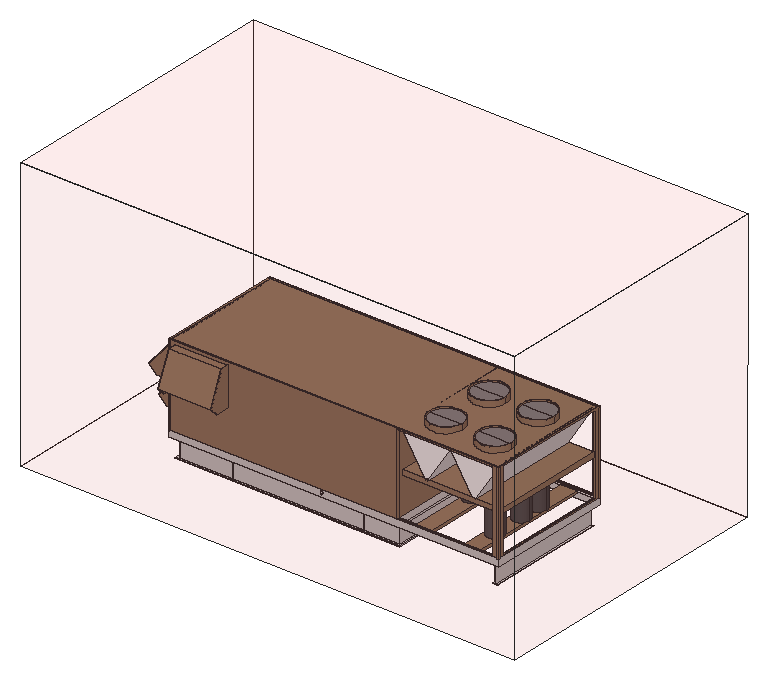
Revit family (continued)
Definition of nested family "Commercial_Comfort_Systems-Series_40-JCI-Condenser_Coil"
  Lines and regions (in)
    Masking region 2, detail levels fine
      outline origin (0, 0, 0) x (1, 0, 0) y (0, 0, 1)
        loop
          line (-34.5, 27.375) -> (-34.5, 26.375) -> (-17.75, 1) -> (-17.75, 0) -> (-15.75, 0) -> (-15.75, 1) -> (0, 24.86007) -> (15.75, 1) -> (15.75, 0) -> (17.75, 0) -> (17.75, 1) -> (34.5, 26.375) -> (34.5, 27.375) -> (-34.5, 27.375)
    Masking region 3, detail levels fine
      outline origin (0, 0, 0) x (0, 1, 0) y (0, 0, 1)
        loop
          line (-42, 27.375) -> (-42, 0) -> (42, 0) -> (42, 27.375) -> (-42, 27.375)
    model lines, detail levels medium
      curve 1: line (-34.5, -42, 27.375) -> (34.5, -42, 27.375)
      curve 2: line (-17.75, -42, 1) -> (-15.75, -42, 1)
      curve 3: line (15.75, -42, 1) -> (17.75, -42, 1)
      curve 4: line (-34.5, -42, 27.375) -> (-34.5, -42, 26.375)
      curve 5: line (34.5, -42, 27.375) -> (34.5, -42, 26.375)
      curve 6: line (-34.5, 42, 27.375) -> (34.5, 42, 27.375)
      curve 7: line (34.5, 42, 27.375) -> (34.5, 42, 26.375)
      curve 8: line (-34.5, 42, 27.375) -> (-34.5, 42, 26.375)
      curve 9: line (-17.75, 42, 1) -> (-15.75, 42, 1)
      curve 10: line (15.75, 42, 1) -> (17.75, 42, 1)
    model lines, style "Condenser Coil", detail levels medium
      curve 11: line (34.5, 42, 26.375) -> (17.75, 42, 1)
      curve 12: line (0, 42, 24.86007) -> (15.75, 42, 1)
      curve 13: line (-34.5, 42, 26.375) -> (-17.75, 42, 1)
      curve 14: line (0, 42, 24.86007) -> (-15.75, 42, 1)
      curve 15: line (34.5, -42, 26.375) -> (17.75, -42, 1)
      curve 16: line (0, -42, 24.86007) -> (15.75, -42, 1)
      curve 17: line (0, -42, 24.86007) -> (-15.75, -42, 1)
      curve 18: line (-34.5, -42, 26.375) -> (-17.75, -42, 1)
      curve 19: line (34.5, 42, 27.375) -> (34.5, -42, 27.375)
      curve 20: line (-34.5, 42, 27.375) -> (-34.5, -42, 27.375)
      curve 21: line (-17.75, 42, 1) -> (-17.75, -42, 1)
      curve 22: line (-15.75, 42, 1) -> (-15.75, -42, 1)
      curve 23: line (15.75, 42, 1) -> (15.75, -42, 1)
      curve 24: line (17.75, 42, 1) -> (17.75, -42, 1)
      curve 25: line (0, -42, 24.86007) -> (0, 42, 24.86007)
  Dimensions and locks (in)
    "Height": plane 6 "Top" to plane 2 "Bottom"
    equal spacing: plane 8 "Back", plane 1 "Center (Front/Back)", plane 7 "Front"
    "Depth": plane 8 "Back" to plane 7 "Front"
    equal spacing: plane 5 "Right", plane 10, plane 3 "Center (Left/Right)", plane 9, plane 4
    "Width": plane 5 "Right" to plane 4
    equal spacing: plane 18, plane 5 "Right", plane 17
    equal spacing: plane 12, plane 10, plane 11
    equal spacing: plane 14, plane 3 "Center (Left/Right)", plane 13
    equal spacing: plane 16, plane 9, plane 15
    equal spacing: plane 19, plane 4, plane 20
    "Thickness": plane 20 to plane 19
    "Thickness": plane 15 to plane 16
    "Thickness": plane 13 to plane 14
    "Thickness": plane 11 to plane 12
    "Thickness": plane 18 to plane 17
    locked: plane 6 "Top" to plane 21 "Top Inset" at 1
    locked: plane 22 "Bottom Inset" to plane 2 "Bottom" at 1
    locked: plane 6 "Top" to plane 23 "Top of Angle" at 2.51493
    aligned and locked: level to plane 2 "Bottom"
    aligned and locked: plane 22 "Bottom Inset" to Extrusion 1 sketch curve  (x3)
    aligned and locked: plane 16 to Extrusion 1 sketch curve
    aligned and locked: plane 12 to Extrusion 1 sketch curve
    aligned and locked: plane 21 "Top Inset" to Extrusion 1 sketch curve  (x2)
    aligned and locked: plane 15 to Extrusion 1 sketch curve
    aligned and locked: plane 11 to Extrusion 1 sketch curve
    aligned and locked: Extrusion 1 sketch curve to plane 22 "Bottom Inset"
    aligned and locked: Extrusion 1 to plane 8 "Back"
    aligned and locked: Extrusion 1 to plane 7 "Front"
    aligned and locked: plane 19 to Masking region 1 sketch curve
    aligned and locked: plane 18 to Masking region 1 sketch curve
    aligned and locked: plane 8 "Back" to Masking region 1 sketch curve
    aligned and locked: plane 7 "Front" to Masking region 1 sketch curve
    aligned and locked: plane 2 "Bottom" to Masking region 2 sketch curve  (x2)
    aligned and locked: plane 16 to Masking region 2 sketch curve
    aligned and locked: plane 12 to Masking region 2 sketch curve
    aligned and locked: plane 11 to Masking region 2 sketch curve
    aligned and locked: plane 18 to Masking region 2 sketch curve
    aligned and locked: Masking region 2 sketch curve to plane 6 "Top"
    aligned and locked: plane 21 "Top Inset" to Masking region 2 sketch curve  (x2)
    aligned and locked: plane 22 "Bottom Inset" to Masking region 2 sketch curve  (x4)
    aligned and locked: plane 3 "Center (Left/Right)" to Masking region 2 sketch curve
    aligned and locked: plane 15 to Masking region 2 sketch curve
    aligned and locked: plane 19 to Masking region 2 sketch curve
    aligned and locked: plane 18 to Extrusion 1 sketch curve
    aligned and locked: plane 19 to Extrusion 1 sketch curve
    aligned and locked: Extrusion 1 sketch curve to plane 6 "Top"
    aligned and locked: plane 18 to curve 6
    aligned and locked: plane 18 to curve 1
    aligned and locked: plane 6 "Top" to curve 5
    aligned and locked: plane 6 "Top" to curve 7
    aligned and locked: plane 21 "Top Inset" to curve 7
    aligned and locked: plane 21 "Top Inset" to curve 5
    aligned and locked: plane 19 to curve 6
    aligned and locked: plane 19 to curve 1
    aligned and locked: curve 1 to plane 6 "Top"
    aligned and locked: curve 6 to plane 6 "Top"
    aligned and locked: plane 15 to curve 2
    aligned and locked: plane 12 to curve 3
    aligned and locked: plane 11 to curve 3
    aligned and locked: plane 11 to curve 10
    aligned and locked: curve 3 to plane 22 "Bottom Inset"
    aligned and locked: curve 10 to plane 22 "Bottom Inset"
    aligned and locked: plane 18 to curve 11
    aligned and locked: plane 22 "Bottom Inset" to curve 11
    aligned and locked: plane 12 to curve 12
    aligned and locked: plane 15 to curve 14
    aligned and locked: plane 22 "Bottom Inset" to curve 2
    aligned and locked: plane 19 to curve 13
    aligned and locked: plane 16 to curve 13
    aligned and locked: plane 3 "Center (Left/Right)" to curve 14
    aligned and locked: plane 18 to curve 15
    aligned and locked: plane 22 "Bottom Inset" to curve 15
    aligned and locked: plane 3 "Center (Left/Right)" to curve 17
    aligned and locked: plane 22 "Bottom Inset" to curve 17
    aligned and locked: plane 16 to curve 18
    aligned and locked: plane 19 to curve 18
    aligned and locked: plane 21 "Top Inset" to curve 18
    aligned and locked: plane 8 "Back" to curve 19
    aligned and locked: plane 8 "Back" to curve 24
    aligned and locked: plane 8 "Back" to curve 23
    aligned and locked: plane 8 "Back" to curve 22
    aligned and locked: plane 8 "Back" to curve 21
    aligned and locked: plane 8 "Back" to curve 20
    aligned and locked: plane 7 "Front" to curve 19
    aligned and locked: plane 7 "Front" to curve 24
    aligned and locked: plane 7 "Front" to curve 23
    aligned and locked: plane 7 "Front" to curve 22
    aligned and locked: plane 7 "Front" to curve 21
    aligned and locked: plane 7 "Front" to curve 20
    aligned and locked: plane 18 to curve 19
    aligned and locked: plane 11 to curve 24
    aligned and locked: curve 23 to plane 12
    aligned and locked: plane 15 to curve 22
    aligned and locked: curve 21 to plane 16
    aligned and locked: curve 20 to plane 19
    aligned and locked: plane 8 "Back" to curve 25
    aligned and locked: plane 7 "Front" to curve 25
    aligned and locked: curve 25 to plane 23 "Top of Angle"
    aligned and locked: Masking region 3 sketch curve to plane 6 "Top"
    aligned and locked: plane 8 "Back" to Masking region 3 sketch curve
    aligned and locked: plane 2 "Bottom" to Masking region 3 sketch curve
    aligned and locked: plane 7 "Front" to Masking region 3 sketch curve
  Automatic sketch dimensions
    Masking region 2 sketch curve to plane 21 "Top Inset" = 1.51493"
    Extrusion 1 sketch curve to plane 3 "Center (Left/Right)" = 0"
    Extrusion 1 sketch curve to plane 21 "Top Inset" = 1.51493"
    curve 13 to plane 22 "Bottom Inset" = 0"
    curve 8 to plane 21 "Top Inset" = 0"
    plane 21 "Top Inset" to curve 12 = 1.51493"
    curve 16 to plane 21 "Top Inset" = 1.51493"
Definition of nested family "Commercial_Comfort_Systems-Series_40-JCI-Compressor"
  Parameters (values of type "Compressor")
    Model = "Compressor"  # constant formula
    Manufacturer = "York"  # constant formula
    Cylinder Material = Metal - JCI - Cast Iron - Coated Black
    Assembly Code = ""
  Reference planes (in)
    plane 1 "Center (Front/Back)": y = 0
    plane 2 "Compressor Bottom": z = 0
    plane 3 "Center (Left/Right)": x = 0
    plane 4 "Compressor Top": z = 20
  Forms (in)
    Sweep 1, solid, material "Metal - JCI - Cast Iron - Coated Black" <- "Cylinder Material", detail levels fine
      path origin (0, 0, 0) x (1, 0, 0) y (0, 0, 1)
        loop
          line (0, 0) -> (0, 20)
      profile origin (0, 0, 10) x (-1, 0, 0) y (0, -1, 0)
        loop
          circle (0, 0) r 6
  Lines and regions (in)
    Masking region 1, detail levels fine
      outline origin (0, 0, 0) x (1, 0, 0) y (0, 0, 1)
        loop
          line (-6, 20) -> (-6, 0) -> (6, 0) -> (6, 20) -> (-6, 20)
    Masking region 2, detail levels fine
      outline origin (0, 0, 0) x (0, 1, 0) y (0, 0, 1)
        loop
          line (6, 20) -> (-6, 20) -> (-6, 0) -> (6, 0) -> (6, 20)
    model lines, style "Compressor Fine", detail levels medium
      curve 1: circle (0, 0, 20) r 6 normal (0, 0, 1)
      curve 2: circle (0, 0, 0) r 6 normal (0, 0, 1)
      curve 3: line (0, 6, 20) -> (0, 6, 0)
      curve 4: line (0, -6, 20) -> (0, -6, 0)
      curve 5: line (-6, 0, 20) -> (-6, 0, 0)
      curve 6: line (6, 0, 20) -> (6, 0, 0)
  Dimensions and locks (in)
    locked: curve 3 to plane 1 "Center (Front/Back)" at 6
    locked: plane 1 "Center (Front/Back)" to curve 4 at 6
    locked: curve 5 to plane 3 "Center (Left/Right)" at 6
    locked: plane 3 "Center (Left/Right)" to curve 6 at 6
    aligned and locked: plane 1 "Center (Front/Back)" to Sweep 1
    aligned and locked: curve 1 to Sweep 1
    aligned and locked: curve 2 to Sweep 1
    aligned and locked: plane 4 "Compressor Top" to curve 3
    aligned and locked: plane 4 "Compressor Top" to curve 4
    aligned and locked: plane 2 "Compressor Bottom" to curve 4
    aligned and locked: plane 2 "Compressor Bottom" to curve 3
    aligned and locked: plane 4 "Compressor Top" to curve 5
    aligned and locked: plane 4 "Compressor Top" to curve 6
    aligned and locked: plane 2 "Compressor Bottom" to curve 6
    aligned and locked: plane 2 "Compressor Bottom" to curve 5
    aligned and locked: Masking region 1 sketch curve to curve 5
    aligned and locked: Masking region 1 sketch curve to curve 1
    aligned and locked: curve 2 to Masking region 1 sketch curve
    aligned and locked: Masking region 1 sketch curve to curve 6
    aligned and locked: Masking region 2 sketch curve to plane 4 "Compressor Top"
    aligned and locked: plane 2 "Compressor Bottom" to Masking region 2 sketch curve
    aligned and locked: Masking region 2 sketch curve to curve 4
    aligned and locked: Masking region 2 sketch curve to curve 3
Definition of nested family "Commercial_Comfort_Systems-Series_40-JCI-Condenser_Fan_1"
  Parameters (values of type "Fan")
    Radius 2 = Radius - 1/4"  # 14 3/4"
    Radius = if(1 = 1, Diameter / 2, 1")  # 15"
    Height = 4"  # constant formula
    Frame Material = Paint - JCI - Powder Coated - Champagne
    Fan Blade Cover Material = Metal - JCI - Steel - Galvanized With Wood Nailer
    Diameter = 30"
    Assembly Code = ""
    30 inch fan = Diameter = 30"  # yes
  Reference planes (in)
    plane 1 "Center (Front/Back)": y = 0
    plane 2 "Bottom": z = 0
    plane 3 "Center (Left/Right)": x = 0
    plane 4 "Back": y = 15
    plane 5 "Front": y = -15
    plane 6 "Left": x = -15
    plane 7 "Right": x = 15
    plane 8 "Top": z = 4
    plane 9 "Right Inset": x = 14.75
    plane 10 "Top Inset": z = 3.5
  Forms (in)
    Revolve 1, solid, material "Metal - JCI - Steel - Galvanized With Wood Nailer" <- "Fan Blade Cover Material", detail levels fine
      sketch origin (0, 0, 0) x (1, 0, 0) y (0, 0, 1)
        loop
          line (0, 3.5) -> (0, 0) -> (14.75, 0) -> (14.75, 3.5) -> (0, 3.5)
        axis (0, 3.5) -> (0, 0)
      angle from 0 to 360
    Revolve 2, solid, material "Paint - JCI - Powder Coated - Champagne" <- "Frame Material", detail levels fine
      sketch origin (0, 0, 0) x (1, 0, 0) y (0, 0, 1)
        loop
          line (14.75, 0) -> (15, 0) -> (15, 4) -> (14.75, 4) -> (14.75, 0)
        axis (0, 4) -> (0, 0)
      angle from 0 to 360
    Revolve 3, solid, material "Paint - JCI - Powder Coated - Champagne" <- "Frame Material", detail levels medium
      sketch origin (0, 0, 0) x (1, 0, 0) y (0, 0, 1)
        loop
          line (0, 4) -> (0, 0) -> (15, 0) -> (15, 4) -> (0, 4)
        axis (0, 4) -> (0, 0)
      angle from 0 to 360
  Lines and regions (in)
    Masking region 1
      outline origin (0, 0, 0) x (1, 0, 0) y (0, 1, 0)
        loop
          circle (0, 0) r 15
    Masking region 2
      outline origin (0, 0, 0) x (1, 0, 0) y (0, 0, 1)
        loop
          line (-15, 4) -> (-15, 0) -> (15, 0) -> (15, 4) -> (-15, 4)
    Masking region 3
      outline origin (0, 0, 0) x (0, 1, 0) y (0, 0, 1)
        loop
          line (-15, 4) -> (-15, 0) -> (15, 0) -> (15, 4) -> (-15, 4)
    model lines, style "Fan Fine", detail levels coarse
      curve 1: circle (0, 0, 0) r 15 normal (0, 0, 1)
      curve 2: circle (0, 0, 4) r 15 normal (0, 0, 1)
      curve 3: line (15, 0, 4) -> (15, 0, 0)
      curve 4: line (-15, 0, 4) -> (-15, 0, 0)
      curve 5: line (0, 15, 4) -> (0, 15, 0)
      curve 6: line (0, -15, 4) -> (0, -15, 0)
    symbolic lines, style "Fan Fine", detail levels fine
      curve 7: circle (0, 0, 0) r 14.75 normal (0, 0, 1)
  Dimensions and locks (in)
    equal spacing: plane 5 "Front", plane 1 "Center (Front/Back)", plane 4 "Back"
    "Diameter": plane 5 "Front" to plane 4 "Back"
    equal spacing: plane 6 "Left", plane 3 "Center (Left/Right)", plane 7 "Right"
    "Diameter": plane 6 "Left" to plane 7 "Right"
    "Height": plane 8 "Top" to plane 2 "Bottom"
    locked: plane 9 "Right Inset" to plane 7 "Right" at 0.25
    locked: plane 8 "Top" to plane 10 "Top Inset" at 0.5
    "Radius": plane 3 "Center (Left/Right)" to curve 1
    "Radius": curve 1 to plane 1 "Center (Front/Back)"
    "Radius": curve 2 to plane 1 "Center (Front/Back)"
    "Radius": plane 3 "Center (Left/Right)" to curve 2
    "Radius": plane 3 "Center (Left/Right)" to Masking region 1 sketch curve
    "Radius": plane 1 "Center (Front/Back)" to Masking region 1 sketch curve
    "Radius 2": plane 3 "Center (Left/Right)" to curve 7
    "Radius 2": plane 1 "Center (Front/Back)" to curve 7
    "Radius": radius of curve 1
    "Radius": radius of curve 2
    "Radius": radius of Masking region 1 sketch curve
    "Radius 2": radius of curve 7
    aligned and locked: Revolve 1 sketch curve to plane 3 "Center (Left/Right)"
    aligned and locked: Revolve 1 sketch curve to Revolve 1 sketch curve
    aligned and locked: plane 2 "Bottom" to Revolve 1 sketch curve
    aligned and locked: Revolve 2 sketch curve to plane 3 "Center (Left/Right)"
    aligned and locked: Revolve 2 sketch curve to plane 8 "Top"
    aligned and locked: plane 2 "Bottom" to Revolve 2 sketch curve
    aligned and locked: plane 7 "Right" to Revolve 2 sketch curve
    aligned and locked: Revolve 2 sketch curve to plane 9 "Right Inset"
    aligned and locked: plane 9 "Right Inset" to Revolve 1 sketch curve
    aligned and locked: Revolve 1 sketch curve to plane 10 "Top Inset"
    aligned and locked: Revolve 3 sketch curve to plane 3 "Center (Left/Right)"
    aligned and locked: Revolve 3 sketch curve to Revolve 3 sketch curve
    aligned and locked: plane 2 "Bottom" to Revolve 3 sketch curve
    aligned and locked: plane 7 "Right" to Revolve 3 sketch curve
    aligned and locked: Revolve 3 sketch curve to plane 8 "Top"
    aligned and locked: plane 2 "Bottom" to curve 3
    aligned and locked: plane 2 "Bottom" to curve 4
    aligned and locked: plane 8 "Top" to curve 3
    aligned and locked: plane 8 "Top" to curve 4
    aligned and locked: plane 7 "Right" to curve 3
    aligned and locked: curve 4 to plane 6 "Left"
    aligned and locked: plane 2 "Bottom" to curve 5
    aligned and locked: plane 8 "Top" to curve 5
    aligned and locked: plane 2 "Bottom" to curve 6
    aligned and locked: plane 8 "Top" to curve 6
    aligned and locked: curve 5 to plane 4 "Back"
    aligned and locked: plane 5 "Front" to curve 6
    aligned and locked: Masking region 2 sketch curve to plane 8 "Top"
    aligned and locked: plane 2 "Bottom" to Masking region 2 sketch curve
    aligned and locked: plane 7 "Right" to Masking region 2 sketch curve
    aligned and locked: plane 6 "Left" to Masking region 2 sketch curve
    aligned and locked: Masking region 3 sketch curve to plane 8 "Top"
    aligned and locked: Masking region 3 sketch curve to plane 4 "Back"
    aligned and locked: plane 2 "Bottom" to Masking region 3 sketch curve
    aligned and locked: Masking region 3 sketch curve to plane 5 "Front"
  Automatic sketch dimensions
    Revolve 1 sketch curve to level = 24"
    Revolve 1 sketch curve to Revolve 1 sketch curve = 87.70035"
    Revolve 2 sketch curve to level = 24"
    plane 8 "Top" to Revolve 2 sketch curve = 87.20035"
    Revolve 3 sketch curve to level = 24"
    Revolve 3 sketch curve to Revolve 3 sketch curve = 87.20035"
Definition of nested family "Commercial_Comfort_Systems-Series_40-JCI-Screen_Door_Detail"
  Parameters (values of type "Screen")
    Width = 32"
    Depth = 34"
    Assembly Code = ""
  Reference planes (in)
    plane 1 "Center (Front/Back)": y = 0
    plane 2: z = 0
    plane 3 "Center (Left/Right)": x = 0
    plane 4 "Left": x = -16
    plane 5 "Back": y = 17
    plane 6 "Right": x = 16
    plane 7 "Front": y = -17
  Lines and regions (in)
    Filled region 1, type "Concrete Block", in view "Ref. Level"
      outline origin (0, 0, 0) x (1, 0, 0) y (0, 1, 0)
        loop
          line (-16, 17) -> (-16, -17) -> (16, -17) -> (16, 17) -> (-16, 17)
  Dimensions and locks (in)
    equal spacing: plane 7 "Front", plane 1 "Center (Front/Back)", plane 5 "Back"
    "Depth": plane 7 "Front" to plane 5 "Back"
    equal spacing: plane 4 "Left", plane 3 "Center (Left/Right)", plane 6 "Right"
    "Width": plane 4 "Left" to plane 6 "Right"
    aligned and locked: Filled region 1 sketch curve to plane 4 "Left"
    aligned and locked: Filled region 1 sketch curve to plane 5 "Back"
    aligned and locked: Filled region 1 sketch curve to plane 6 "Right"
    aligned and locked: Filled region 1 sketch curve to plane 7 "Front"
